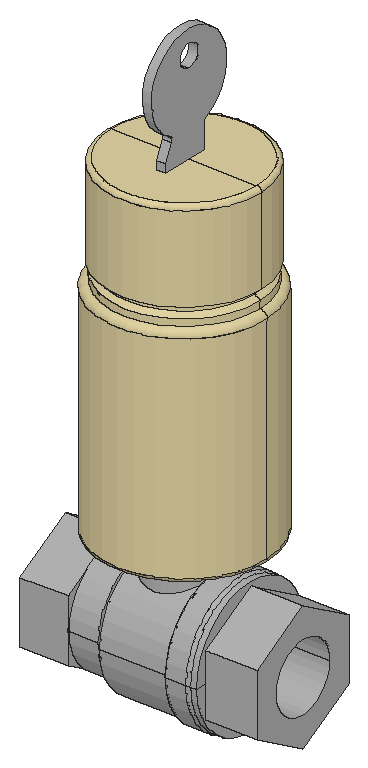
Revit family "QH14000000", category Apparecchi idraulici, Revit 2020
Family settings
  Quota connettore circolare = Usa diametro
  Tipo di parte = Normale
  Numero OmniClass = 23.45.00.00
  Titolo OmniClass = Sanitary, Laundry, and Cleaning Equipment
  Basato su piano di lavoro = No
  Sempre verticale = Sì
  Taglio con vuoti quando caricato = No
  Condiviso = No
  Punto di calcolo locali = No
Parameters
  URL = "https://web.cimberio.com/index.php/figura/730?subcategoria_id=63"
  Temperatura di esercizio = "-20 ÷ 150°C"
  Prospetto di default = 0 mm
  Produttore = "CIMBERIO SPA"
  Pressione nominale = "PN 60 (1/2\"); PN 45 (3/4\" ÷ 1\"); PN 35 (1\"1/4)"
  Modello = "Cim B14"
  Materiale = "Prodotto in lega di ottone conforme alla norma EN 12165-CW617N-DW"
  Descrizione = "Utilizzato nei più svariati settori dell'impiantistica: impianti di riscaldamento, condizionamento, idrici, igienico-sanitari e in generale con ogni fluido non corrosivo.\r\nParticolarmente indicato come valvola  per la regolazione e contabilizzazione di impianti di riscaldamento singoli o a zone, impianti con utilizzazione di energie alternative, impianti con fluidi caldi o freddi e impianti di automazione in genere"
  DN Model [instance] = QH14001015 : QH14001015
  DN [instance] = 15 mm
  Commenti sul tipo = "Realizzato in ottemperanza ai requisiti gestionali della norma EN ISO 9001.\r\nCollaudato al 100% secondo la normativa EN 12266-1"
Reference planes
  plane 1 "Centro (Fronte/Retro)": y = 0
  plane 2: z = 0
  plane 3 "Centro (Sinistra/Destra)": x = 0
Dimensions and locks
  aligned and locked: level to plane 2
Nested families
  nested 1: "QH14001015" at (0, 0, 0), type <- "DN Model", type "QH14001015"
  nested 2: "QH14001015" at (0, 0, 0), type <- "DN Model", type "QH14001015"
  nested 3: "QH14001015" at (0, 0, 0), type <- "DN Model", type "QH14001015"
  nested 4: "QH14001015" at (0, 0, 0), type <- "DN Model", type "QH14001015"
Connectors
  piping at (26.1, 0, 0), diameter 15, driven by "DN"
    settings: on nested 1, index 1, connector inside diameter 609.6 mm, connector length 0 mm, flow factor 0, pipe flow 0.0 L/s, pressure drop 0.0 Pa, fitting loss kfactor 0, connector angle 0.00°, fixture units 0, engagement length 0 mm, angle of deflection 0.00°, flow configuration 0, flow direction 0, fitting loss method 0, system type 7, joint type 0, gender type 0, connector reference index -1, connector utility 0, adjustable connector no, is connector primary yes, connector description ""
  piping at (-26.103, 0.013, 0), diameter 15, driven by "DN"
    settings: on nested 1, index 2, connector inside diameter 609.6 mm, connector length 0 mm, flow factor 0, pipe flow 0.0 L/s, pressure drop 0.0 Pa, fitting loss kfactor 0, connector angle 0.00°, fixture units 0, engagement length 0 mm, angle of deflection 0.00°, flow configuration 0, flow direction 0, fitting loss method 0, system type 7, joint type 0, gender type 0, connector reference index -1, connector utility 0, adjustable connector no, is connector primary no, connector description ""
Definition of nested family "QH14001015"
  Parameters (values of type "QH14001015")
    Default Elevation = 0 mm
  Reference planes
    plane 1 "Centro (Fronte/Retro)": y = 0
    plane 2: z = 0
    plane 3 "Centro (Sinistra/Destra)": x = 0
  Forms (mm)
    Extrusion 1, solid
      sketch origin (-16, 0, 0) x (0, 0, 1) y (0, 1, 0)
        loop
          circle (0, 0) r 7.5
        loop
          line (-14, 0) -> (-6.806, -12.46) -> (6.806, -12.46) -> (14, 0) -> (6.783, 12.5) -> (-6.783, 12.5) -> (-14, 0)
      from -0.5 to 10.103
    Extrusion 2, solid
      sketch origin (16, 0, 0) x (0, 0, 1) y (0, -1, 0)
        loop
          circle (0, 0) r 7.5
        loop
          line (-14, 0) -> (-6.783, -12.5) -> (6.783, -12.5) -> (14, 0) -> (6.783, 12.5) -> (-6.783, 12.5) -> (-14, 0)
      from -2.262 to 10.1
    Extrusion 3, solid
      sketch origin (0, 0, 28.55) x (1, 0, 0) y (0, 1, 0)
        loop
          circle (0, 0) r 8.45
        loop
          circle (0, 0) r 6.348
      from -20.832 to 5.337
    Extrusion 4, solid
      sketch origin (0, 0, 0) x (1, 0, 0) y (0, 0, 1)
        loop
          line (-13, 26.345) -> (-13, 21.045) -> (-11, 19.89) -> (-11, 11.799) -> (-6.613, 11.799) -> (-6.613, 26.345) -> (-13, 26.345)
      from 0 to 1.497
    Revolve 5, solid
      sketch origin (0, 0, 0.033) x (0, 1, 0) y (-1, 0, 0)
        loop
          line (6.091, 15.5) -> (6.091, -14.6) -> (14.75, -14.6) -> (14.75, -13.119) -> (15, -12.302) -> (15, -8)
          arc (15, -8) -> (14.743, -7.62) -> (14.3, -7.5) r 0.658
          line (14.3, -7.5) -> (14.3, 7.2) -> (12.5, 9.005) -> (12.5, 15.5) -> (6.091, 15.5)
        axis (0, 15.5) -> (0, -14.6)
      angle from 0 to 360
    Revolve 6, solid
      sketch origin (0, 0, -2.533) x (1, 0, 0) y (0, 0, 1)
        loop
          line (10.291, 22.3) -> (17.75, 22.3)
          arc (17.75, 22.3) -> (18.1, 22.587) -> (18.25, 23.014) r 0.842
          line (18.25, 23.014) -> (18.25, 70.3)
          arc (18.25, 70.3) -> (17.719, 71.453) -> (16.498, 71.8) r 1.518
          line (16.498, 71.8) -> (16.5, 73.3) -> (15.5, 74.3) -> (15.5, 75.8) -> (17, 75.8) -> (17, 94.8)
          arc (17, 94.8) -> (16.707, 95.507) -> (16, 95.8) r 1
          line (16, 95.8) -> (0, 95.8) -> (0, 29.057) -> (10.291, 29.057) -> (10.291, 22.3)
        axis (0, 95.8) -> (0, 22.3)
      angle from 0 to 360
    Extrusion 7, solid
      sketch origin (-0.019, 51.037, 54.986) x (0, 0, 1) y (0.000364, -1, 0)
        loop
          line (38.28, 57.338) -> (38.28, 47.002) -> (43.63, 47.002)
          arc (43.63, 47.002) -> (44.157, 46.852) -> (44.526, 46.446) r 1
          arc (44.526, 46.446) -> (63.954, 50.68) -> (44.828, 56.118) r 10.25
          arc (44.828, 56.118) -> (44.264, 55.664) -> (43.541, 55.709) r 1
          line (43.541, 55.709) -> (40.024, 57.338) -> (38.28, 57.338)
        loop
          circle (58.709, 51) r 2.5
      from -1 to 1
  Cuts and joins
    joined: Extrusion 3, Extrusion 4
  Dimensions and locks
    aligned and locked: level to plane 2
